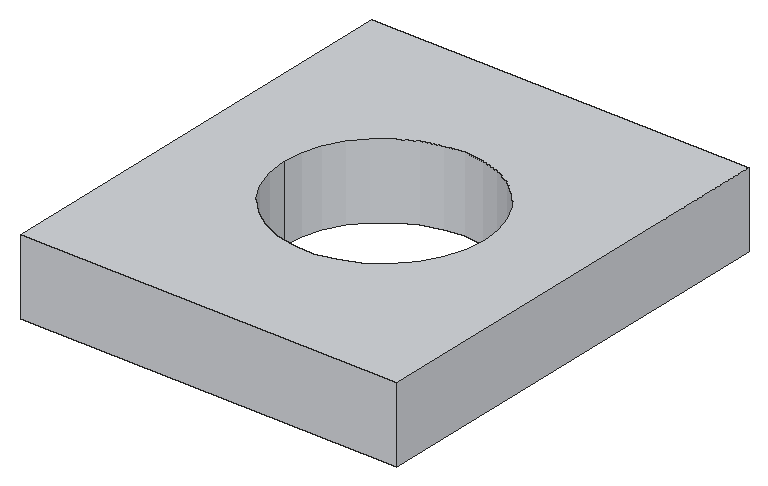
Revit family "Gewindeplatte Vierkant VA", category HLS-Bauteile, Revit 2017
Family settings
  Bemaßung runder Anschluss = Durchmesser verwenden
  Teiletyp = Normal
  Arbeitsebenenbasiert = Ja
  Immer vertikal = Nein
  Beim Laden mit Abzugskörper schneiden = Nein
  Gemeinsam genutzt = Ja
  Raumberechnungspunkt = Nein
Parameters (values of type "Gewindeplatte Vierkant 35x 30x 6 M16 V4A")
  vpe = "50 St"
  d2 = 8 mm
  Default Elevation = 1219.2 mm
  Stärke Material = 6 mm
  Schienenbreite = "45 mm"
  S = 6 mm
  Regelhalter [instance] = ""
  Profiltyp = "35, 45"
  Profil = "C-Profil"
  Plattentyp = ""
  Mengeneinheit = "St"
  Material = "Edelstahl"
  Länge = 35 mm
  L = 35 mm
  Kurztext2 = "M16 vierkant 35 x 30 mm"
  Kurztext1 = "Gewindeplatte V4A"
  Gewinde = "M16"
  Gewicht pro Bauteil = Gewicht  # 0.0427 kg
  Gewicht = 0.0427 kg
  Form = "vierkant"
  Firma = "MEFA Befestigungs- und Montagesysteme GmbH"
  Fabrikat = "MEFA"
  EAN = "4250928413079"
  Deckentyp = ""
  Breite = 30 mm
  B = 30 mm
  Artikelnummer = "0481614"
  Anzugsmoment = 0 N·m
  Abmessung = "35 x 30 x 6 mm"
Types (15, lengths in mm): name | vpe | d2 | Stärke Material | Schienenbreite | S | Profiltyp | Länge | L | Kurztext2 | Kurztext1 | Gewinde | Gewicht pro Bauteil | Gewicht | EAN | Breite | B | Artikelnummer | Abmessung
  (no name) | "50 St" | 8 | 6 | "45 mm" | 6 | "35, 45" | 35 | 35 | "M16 vierkant 35 x 30 mm" | "Gewindeplatte V4A" | "M16" | 0.0427 kg | 0.0427 kg | "4250928413079" | 30 | 30 | "0481614" | "35 x 30 x 6 mm"
  Gewindeplatte Vierkant 35x 30x 5 M 8 V4A | "50 St" | 4 | 5 | "45 mm" | 5 | "35, 45" | 35 | 35 | "M8 vierkant 35 x 30 mm" | "Gewindeplatte V4A" | "M8" | 0.0405 kg | 0.0405 kg | "4250928413048" | 30 | 30 | "0481611" | "35 x 30 x 5 mm"
  Gewindeplatte Vierkant 35x 30x 6 M10 V4A | "50 St" | 5 | 6 | "45 mm" | 6 | "35, 45" | 35 | 35 | "M10 vierkant 35 x 30 mm" | "Gewindeplatte V4A" | "M10" | 0.0476 kg | 0.0476 kg | "4250928413055" | 30 | 30 | "0481612" | "35 x 30 x 6 mm"
  Gewindeplatte Vierkant 35x 30x 6 M12 V4A | "50 St" | 6 | 6 | "45 mm" | 6 | "35, 45" | 35 | 35 | "M12 vierkant 35 x 30 mm" | "Gewindeplatte V4A" | "M12" | 0.0463 kg | 0.0463 kg | "4250928413062" | 30 | 30 | "0481613" | "35 x 30 x 6 mm"
  Gewindeplatte Vierkant 35x 30x 6 M16 V4A | "50 St" | 8 | 6 | "45 mm" | 6 | "35, 45" | 35 | 35 | "M16 vierkant 35 x 30 mm" | "Gewindeplatte V4A" | "M16" | 0.0427 kg | 0.0427 kg | "4250928413079" | 30 | 30 | "0481614" | "35 x 30 x 6 mm"
  Gewindeplatte Vierkant 35x 30x 5 M 8 V2A | "50 St" | 4 | 5 | "35, 45 mm" | 5 | "35, 45" | 35 | 35 | "M8 vierkant 35 x 30 mm" | "Gewindeplatte V2A" | "M8" | 0.0405 kg | 0.0405 kg | "4250928412720" | 30 | 30 | "0480611" | "35 x 30 x 5 mm"
  Gewindeplatte Vierkant 35x 30x 6 M10 V2A | "50 St" | 5 | 6 | "35, 45 mm" | 6 | "35, 45" | 35 | 35 | "M10 vierkant 35 x 30 mm" | "Gewindeplatte V2A" | "M10" | 0.0476 kg | 0.0476 kg | "4250928412737" | 30 | 30 | "0480612" | "35 x 30 x 6 mm"
  Gewindeplatte Vierkant 35x 30x 6 M12 V2A | "50 St" | 6 | 6 | "35, 45 mm" | 6 | "35, 45" | 35 | 35 | "M12 vierkant 35 x 30 mm" | "Gewindeplatte V2A" | "M12" | 0.0463 kg | 0.0463 kg | "4250928412744" | 30 | 30 | "0480613" | "35 x 30 x 6 mm"
  Gewindeplatte Vierkant 35x 30x 6 M16 V2A | "50 St" | 8 | 6 | "35, 45 mm" | 6 | "35, 45" | 35 | 35 | "M16 vierkant 35 x 30 mm" | "Gewindeplatte V2A" | "M16" | 0.0427 kg | 0.0427 kg | "4250928412751" | 30 | 30 | "0480614" | "35 x 30 x 6 mm"
  Gewindeplatte Vierkant 30x 22x 5 M 8 V2A | "100 St" | 4 | 5 | "27, 35 mm" | 5 | "27, 35" | 30 | 30 | "M8 vierkant 30 x 22 mm" | "Gewindeplatte V2A" | "M8" | 0.025 kg | 0.025 kg | "4250928417282" | 22 | 22 | "0750818" | "30 x 22 x 5 mm"
  Gewindeplatte Vierkant 30x 22x 5 M 8 V4A | "100 St" | 4 | 5 | "35 mm" | 5 | "27, 35" | 30 | 30 | "M8 vierkant 30 x 22 mm" | "Gewindeplatte V4A" | "M8" | 0.025 kg | 0.025 kg | "4250928417312" | 22 | 22 | "0750838" | "30 x 22 x 5 mm"
  Gewindeplatte Vierkant 30x 22x 5 M10 V2A | "100 St" | 5 | 5 | "27, 35 mm" | 5 | "27, 35" | 30 | 30 | "M10 vierkant 30 x 22 mm" | "Gewindeplatte V2A" | "M10" | 0.0242 kg | 0.0242 kg | "4250928417299" | 22 | 22 | "0750820" | "30 x 22 x 5 mm"
  Gewindeplatte Vierkant 30x 22x 5 M12 V2A | "100 St" | 6 | 5 | "27, 35 mm" | 5 | "27, 35" | 30 | 30 | "M12 vierkant 30 x 22 mm" | "Gewindeplatte V2A" | "M12" | 0.0231 kg | 0.0231 kg | "4250928417305" | 22 | 22 | "0750822" | "30 x 22 x 5 mm"
  Gewindeplatte Vierkant 30x 22x 5 M10 V4A | "100 St" | 5 | 5 | "35 mm" | 5 | "27, 35" | 30 | 30 | "M10 vierkant 30 x 22 mm" | "Gewindeplatte V4A" | "M10" | 0.0242 kg | 0.0242 kg | "4250928417329" | 22 | 22 | "0750840" | "30 x 22 x 5 mm"
  Gewindeplatte Vierkant 30x 22x 5 M12 V4A | "100 St" | 6 | 5 | "35 mm" | 5 | "27, 35" | 30 | 30 | "M12 vierkant 30 x 22 mm" | "Gewindeplatte V4A" | "M12" | 0.0231 kg | 0.0231 kg | "4250928417336" | 22 | 22 | "0750842" | "30 x 22 x 5 mm"
Reference planes
  plane 1 "Mitte (Vorne/hinten)": y = 0
  plane 2: z = 0
  plane 3 "Mitte (Links/rechts)": x = 0
  plane 4: x = 15
  plane 5: y = 17.5
  plane 6: x = -15
  plane 7: y = -17.5
  plane 8: z = 6
Forms (mm)
  Extrusion 1, solid
    sketch origin (0, 0, 0) x (1, 0, 0) y (0, 1, 0)
      loop
        line (15, -17.5) -> (15, 17.5) -> (-15, 17.5) -> (-15, -17.5) -> (15, -17.5)
    from 0 to 6
  Extrusion 2, void, detail levels fine
    sketch origin (0, 0, 0) x (1, 0, 0) y (0, 1, 0)
      loop
        circle (0, 0) r 8
    from 0 to 20
Cuts and joins
  Extrusion 2 cuts Extrusion 1
Lines and regions (mm)
  model lines
    curve 1: line (0, 10, 0) -> (0, -10, 0)
    curve 2: line (-10, 0, 0) -> (10, 0, 0)
    curve 3: line (0, 0, 10) -> (0, 0, -10)
Dimensions and locks
  equal spacing: plane 6, plane 3 "Mitte (Links/rechts)", plane 4
  equal spacing: plane 7, plane 1 "Mitte (Vorne/hinten)", plane 5
  "B": plane 6 to plane 4
  "L": plane 7 to plane 5
  "S": level to plane 8
  "d2": radius of Extrusion 2 sketch curve
  aligned and locked: level to plane 2
  aligned and locked: plane 4 to Extrusion 1
  aligned and locked: plane 5 to Extrusion 1
  aligned and locked: plane 6 to Extrusion 1
  aligned and locked: plane 7 to Extrusion 1
  aligned and locked: plane 8 to Extrusion 1
Automatic sketch dimensions
  Extrusion 1 sketch curve to plane 6 = 0 mm
  Extrusion 1 sketch curve to plane 4 = 0 mm
  Extrusion 1 sketch curve to plane 7 = 0 mm
  plane 5 to Extrusion 1 sketch curve = 0 mm
  plane 1 "Mitte (Vorne/hinten)" to Extrusion 2 sketch curve = 0 mm
  Extrusion 2 sketch curve to plane 3 "Mitte (Links/rechts)" = 0 mm
  plane 1 "Mitte (Vorne/hinten)" to curve 2 = 0 mm
  curve 1 to plane 3 "Mitte (Links/rechts)" = 0 mm
  plane 6 to curve 2 = 5 mm
  curve 2 to plane 4 = 5 mm
  plane 7 to curve 1 = 7.5 mm
  curve 1 to plane 1 "Mitte (Vorne/hinten)" = 10 mm
  curve 3 to plane 3 "Mitte (Links/rechts)" = 0 mm
  curve 3 to level = 10 mm
  plane 8 to curve 3 = 4 mm
